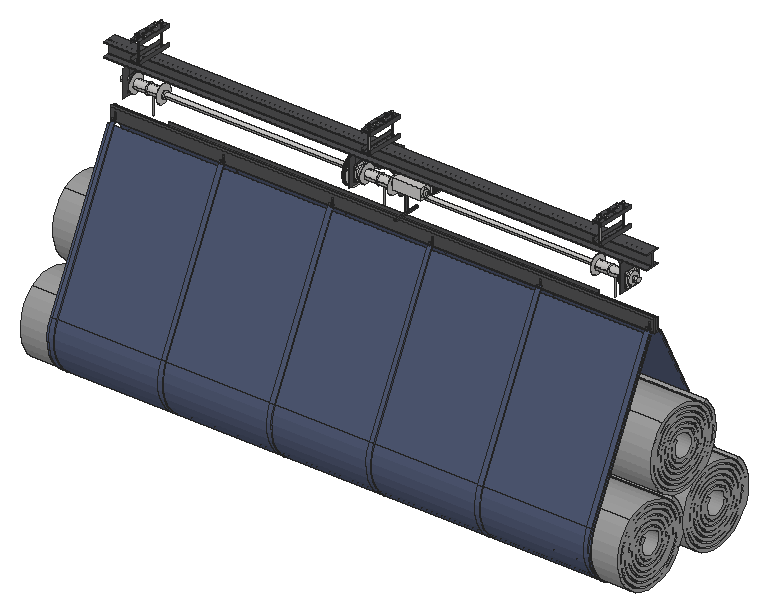
Revit family "Wrestling_Mat_Storage-PSS-4091", category Specialty Equipment, Revit 2019
Family settings
  Round Connector Dimension = Use Diameter
  Part Type = Normal
  OmniClass Number = 23.40.50.34.34
  OmniClass Title = Equipment Storage Racks
  Work Plane-Based = No
  Always vertical = Yes
  Cut with Voids When Loaded = No
  Shared = No
  Room Calculation Point = No
Parameters
  URL = "http://www.perfsports.com/"
  Superstructure Finish = Powder Coat - Performance Sports Systems - Black
  Sling Material = Vinyl Coated Fabric - Performance Sports Systems - C04 Royal Blue
  Mat Color = Generic - Wrestling Mat
  Product Page URL = "http://www.perfsports.com/store/p-96-4090-mat-storage-system.aspx"
  Model = "4091"
  Manufacturer = "Performance Sports Systems"  # constant formula
  Length = 20' - 0"
  Description = "Wrestling Mat Storage System"
  Created By = "Revitus"  # constant formula
  Creator URL = "http://www.revituspro.com/"
  BIM Version = "v3.1"
  CSI MasterFormat = "11 66 23"
  Assembly Code = "E1020900"
  Attachment Height [instance] = 24' - 6"
Reference planes (in)
  plane 1 "Centerline of Drive Shaft (Front/Back)": y = 0
  plane 2: z = 0
  plane 3 "Center (Left/Right)": x = 0
  plane 4 "Left": x = -120
  plane 5 "Right": x = 120
  plane 6: x = -118
  plane 7: x = 118
  plane 8 "Top of Load Bar": z = 257.875
  plane 9: x = -94.75
  plane 10: x = 94.75
  plane 11 "Centerline of Curtain Roller (Top/Bottom)": z = 271.375
  plane 12 "Bottom of Structure": z = 294
  plane 13 "Bottom of Load Bar": z = 251.875
  plane 14: x = -120
  plane 15: x = 120
  plane 16 "Left Carrier Centerline (Left/Right)": x = -102
  plane 17 "Right Carrier Centerline (Left/Right)": x = 102
  plane 18: y = 3
  plane 19: y = 1
  plane 20 "Drive Shaft - Left": x = -114
  plane 21 "Drive Shaft - Right": x = 114
  plane 22 "Edge of Mat - Left": x = -132
  plane 23 "Edge of Mat - Right": x = 132
  plane 24: z = 193.375
  plane 25 "Centerline of Mat (Top/Bottom)": z = 211.375
  plane 26: z = 259.875
  plane 27: y = 2.25
  plane 28: y = 1.75
  plane 29 "Center (Front/Back)": y = 2
  plane 30 "Back": y = 20
  plane 31 "Front": y = -16
  plane 32: x = -22
  plane 33: z = 180.75
  plane 34: x = -70
  plane 35: x = 22
  plane 36: x = 70
  plane 37: z = 162.75
Forms (in)
  Extrusion 1, solid, material "Powder Coat - Performance Sports Systems - Black" <- "Superstructure Finish"
    sketch origin (0, 0, 117) x (0, 1, 0) y (0, 0, 1)
      loop
        arc (3, 140.5) -> (2.89017, 140.76517) -> (2.625, 140.875) r 0.375
        line (2.625, 140.875) -> (1.375, 140.875)
        arc (1.375, 140.875) -> (1.10983, 140.76517) -> (1, 140.5) r 0.375
        line (1, 140.5) -> (1, 135.25)
        arc (1, 135.25) -> (1.10983, 134.98483) -> (1.375, 134.875) r 0.375
        line (1.375, 134.875) -> (2.625, 134.875)
        arc (2.625, 134.875) -> (2.89017, 134.98483) -> (3, 135.25) r 0.375
        line (3, 135.25) -> (3, 140.5)
      loop
        arc (2.8125, 140.5) -> (2.75758, 140.63258) -> (2.625, 140.6875) r 0.1875
        line (2.625, 140.6875) -> (1.375, 140.6875)
        arc (1.375, 140.6875) -> (1.24242, 140.63258) -> (1.1875, 140.5) r 0.1875
        line (1.1875, 140.5) -> (1.1875, 135.25)
        arc (1.1875, 135.25) -> (1.24242, 135.11742) -> (1.375, 135.0625) r 0.1875
        line (1.375, 135.0625) -> (2.625, 135.0625)
        arc (2.625, 135.0625) -> (2.75758, 135.11742) -> (2.8125, 135.25) r 0.1875
        line (2.8125, 135.25) -> (2.8125, 140.5)
    from -120 to 120
  Extrusion 2, solid, material "Metal - Performance Sports Systems - Gray Steel"
    sketch origin (0, 0, 0) x (0, 1, 0) y (0, 0, 1)
      loop
        circle (0, 271.375) r 1
    from -114 to 114
  Extrusion 3, solid, material "Powder Coat - Performance Sports Systems - Black" <- "Superstructure Finish", detail levels medium+fine
    sketch origin (0, 0, 0) x (0, 1, 0) y (0, 0, 1)
      loop
        line (-3, 285) -> (-3, 284.5625) -> (-0.40625, 284.5625)
        arc (-0.40625, 284.5625) -> (-0.22947, 284.48928) -> (-0.15625, 284.3125) r 0.25
        line (-0.15625, 284.3125) -> (-0.15625, 279.3125)
        arc (-0.15625, 279.3125) -> (-0.22947, 279.13572) -> (-0.40625, 279.0625) r 0.25
        line (-0.40625, 279.0625) -> (-3, 279.0625) -> (-3, 278.625) -> (3, 278.625) -> (3, 279.0625) -> (0.40625, 279.0625)
        arc (0.40625, 279.0625) -> (0.22947, 279.13572) -> (0.15625, 279.3125) r 0.25
        line (0.15625, 279.3125) -> (0.15625, 284.3125)
        arc (0.15625, 284.3125) -> (0.22947, 284.48928) -> (0.40625, 284.5625) r 0.25
        line (0.40625, 284.5625) -> (3, 284.5625) -> (3, 285) -> (-3, 285)
    from -120 to 120
  Extrusion 4, solid, material "Powder Coat - Performance Sports Systems - Black" <- "Superstructure Finish"
    sketch origin (0, 0, 0) x (0, 1, 0) y (0, 0, 1)
      loop
        line (2.25, 257.875) -> (2.25, 259.875) -> (1.75, 259.875) -> (1.75, 257.875) -> (2.25, 257.875)
    from -94.75 to 94.75
  Extrusion 5, solid, material "Generic - Wrestling Mat" <- "Mat Color"
    sketch origin (0, 0, 0) x (0, 1, 0) y (0, 0, 1)
      loop
        arc (-2.24264, 215.61764) -> (2, 205.375) -> (6.24264, 215.61764) r 6
        arc (6.24264, 215.61764) -> (1.5286, 217.97466) -> (-3.65685, 217.03185) r 8.33333
        arc (-3.65685, 217.03185) -> (2, 203.375) -> (7.65685, 217.03185) r 8
        arc (7.65685, 217.03185) -> (1.7971, 219.97427) -> (-4.66009, 218.83443) r 10.42105
        arc (-4.66009, 218.83443) -> (1.71728, 201.379) -> (9.07107, 218.44607) r 10
        arc (9.07107, 218.44607) -> (1.97061, 221.96962) -> (-5.81506, 220.4813) r 12.42105
        arc (-5.81506, 220.4813) -> (1.54315, 199.3837) -> (10.48528, 219.86028) r 12
        arc (10.48528, 219.86028) -> (2.14446, 223.96412) -> (-6.9677, 222.12583) r 14.42105
        arc (-6.9677, 222.12583) -> (1.36892, 197.38923) -> (11.89949, 221.27449) r 14
        arc (11.89949, 221.27449) -> (2.31851, 225.95809) -> (-8.11886, 223.7689) r 16.42105
        arc (-8.11886, 223.7689) -> (1.19463, 195.39528) -> (13.31371, 222.68871) r 16
        arc (13.31371, 222.68871) -> (2.49269, 227.95171) -> (-9.26904, 225.41098) r 18.42105
        arc (-9.26904, 225.41098) -> (1.02029, 193.40168) -> (14.72792, 224.10292) r 18
        line (14.72792, 224.10292) -> (13.84404, 223.21904)
        arc (13.84404, 223.21904) -> (1.12926, 194.64765) -> (-8.55027, 224.38477) r 16.75
        arc (-8.55027, 224.38477) -> (2.38382, 226.70573) -> (12.42983, 221.80483) r 17.17105
        arc (12.42983, 221.80483) -> (1.30357, 196.64145) -> (-7.39952, 222.74212) r 14.75
        arc (-7.39952, 222.74212) -> (2.20971, 224.71191) -> (11.01561, 220.39061) r 15.17105
        arc (11.01561, 220.39061) -> (1.47782, 198.6357) -> (-6.24752, 221.09822) r 12.75
        arc (-6.24752, 221.09822) -> (2.03578, 222.71764) -> (9.6014, 218.9764) r 13.17105
        arc (9.6014, 218.9764) -> (1.65199, 200.63063) -> (-5.09356, 219.45237) r 10.75
        arc (-5.09356, 219.45237) -> (1.86211, 220.72266) -> (8.18718, 217.56218) r 11.17105
        arc (8.18718, 217.56218) -> (1.82605, 202.62673) -> (-3.93634, 217.80324) r 8.75
        arc (-3.93634, 217.80324) -> (1.68894, 218.72649) -> (6.77297, 216.14797) r 9.17105
        arc (6.77297, 216.14797) -> (2, 204.625) -> (-2.77297, 216.14797) r 6.75
        arc (-2.77297, 216.14797) -> (1.51675, 216.72806) -> (5.35876, 214.73376) r 7.17105
        arc (5.35876, 214.73376) -> (2, 206.625) -> (-1.35876, 214.73376) r 4.75
        line (-1.35876, 214.73376) -> (-2.24264, 215.61764)
    from -132 to 132
  Extrusion 6, solid, material "Vinyl Coated Fabric - Performance Sports Systems - C04 Royal Blue" <- "Sling Material"
    sketch origin (0, 0, 0) x (0, 1, 0) y (0, 0, 1)
      loop
        line (20, 162.75) -> (-16, 162.75)
        arc (-16, 162.75) -> (-31.31112, 171.28587) -> (-32.10071, 188.79781) r 18
        line (-32.10071, 188.79781) -> (-0.57209, 251.875) -> (-0.71184, 251.875) -> (-32.21252, 188.85369)
        arc (-32.21252, 188.85369) -> (-31.41744, 171.22015) -> (-16, 162.625) r 18.125
        line (-16, 162.625) -> (20, 162.625)
        arc (20, 162.625) -> (35.41744, 171.22015) -> (36.21252, 188.85369) r 18.125
        line (36.21252, 188.85369) -> (4.71184, 251.875) -> (4.57209, 251.875) -> (36.10071, 188.79781)
        arc (36.10071, 188.79781) -> (35.31112, 171.28587) -> (20, 162.75) r 18
    from -120 to 120
  Extrusion 7, solid, material "Generic - Wrestling Mat" <- "Mat Color"
    sketch origin (0, 18, 0) x (0, 1, 0) y (0, 0, 1)
      loop
        arc (-2.24264, 184.99264) -> (2, 174.75) -> (6.24264, 184.99264) r 6
        arc (6.24264, 184.99264) -> (1.5286, 187.34966) -> (-3.65685, 186.40685) r 8.33333
        arc (-3.65685, 186.40685) -> (2, 172.75) -> (7.65685, 186.40685) r 8
        arc (7.65685, 186.40685) -> (1.7971, 189.34927) -> (-4.66009, 188.20943) r 10.42105
        arc (-4.66009, 188.20943) -> (1.71728, 170.754) -> (9.07107, 187.82107) r 10
        arc (9.07107, 187.82107) -> (1.97061, 191.34462) -> (-5.81506, 189.8563) r 12.42105
        arc (-5.81506, 189.8563) -> (1.54315, 168.7587) -> (10.48528, 189.23528) r 12
        arc (10.48528, 189.23528) -> (2.14446, 193.33912) -> (-6.9677, 191.50083) r 14.42105
        arc (-6.9677, 191.50083) -> (1.36892, 166.76423) -> (11.89949, 190.64949) r 14
        arc (11.89949, 190.64949) -> (2.31851, 195.33309) -> (-8.11886, 193.1439) r 16.42105
        arc (-8.11886, 193.1439) -> (1.19463, 164.77028) -> (13.31371, 192.06371) r 16
        arc (13.31371, 192.06371) -> (2.49269, 197.32671) -> (-9.26904, 194.78598) r 18.42105
        arc (-9.26904, 194.78598) -> (1.02029, 162.77668) -> (14.72792, 193.47792) r 18
        line (14.72792, 193.47792) -> (13.84404, 192.59404)
        arc (13.84404, 192.59404) -> (1.12926, 164.02265) -> (-8.55027, 193.75977) r 16.75
        arc (-8.55027, 193.75977) -> (2.38382, 196.08073) -> (12.42983, 191.17983) r 17.17105
        arc (12.42983, 191.17983) -> (1.30357, 166.01645) -> (-7.39952, 192.11712) r 14.75
        arc (-7.39952, 192.11712) -> (2.20971, 194.08691) -> (11.01561, 189.76561) r 15.17105
        arc (11.01561, 189.76561) -> (1.47782, 168.0107) -> (-6.24752, 190.47322) r 12.75
        arc (-6.24752, 190.47322) -> (2.03578, 192.09264) -> (9.6014, 188.3514) r 13.17105
        arc (9.6014, 188.3514) -> (1.65199, 170.00563) -> (-5.09356, 188.82737) r 10.75
        arc (-5.09356, 188.82737) -> (1.86211, 190.09766) -> (8.18718, 186.93718) r 11.17105
        arc (8.18718, 186.93718) -> (1.82605, 172.00173) -> (-3.93634, 187.17824) r 8.75
        arc (-3.93634, 187.17824) -> (1.68894, 188.10149) -> (6.77297, 185.52297) r 9.17105
        arc (6.77297, 185.52297) -> (2, 174) -> (-2.77297, 185.52297) r 6.75
        arc (-2.77297, 185.52297) -> (1.51675, 186.10306) -> (5.35876, 184.10876) r 7.17105
        arc (5.35876, 184.10876) -> (2, 176) -> (-1.35876, 184.10876) r 4.75
        line (-1.35876, 184.10876) -> (-2.24264, 184.99264)
    from -132 to 132
  Sweep 8, solid, material "Metal - Performance Sports Systems - Gray Steel"
    path origin (-102, 0, 0) x (0, 0, 1) y (0, -1, 0)
      loop
        line (259.875, -2) -> (271.375, -2)
        arc (271.375, -2) -> (272.78921, 1.41421) -> (269.375, 0) r 2
    profile origin (-102, -1.41421, 272.78921) x (0, 0.707107, -0.707107) y (1, 0, 0)
      loop
        circle (-0.15625, 0) r 0.15625
  Sweep 9, solid, material "Metal - Performance Sports Systems - Gray Steel"
    path origin (102, 0, 0) x (0, 0, 1) y (0, -1, 0)
      loop
        line (259.875, -2) -> (271.375, -2)
        arc (271.375, -2) -> (272.78921, 1.41421) -> (269.375, 0) r 2
    profile origin (102, -1.41421, 272.78921) x (0, -0.707107, 0.707107) y (-1, 0, 0)
      loop
        circle (-0.15625, 0) r 0.15625
  Sweep 10, solid, material "Metal - Performance Sports Systems - Gray Steel"
    path origin (0, 0, 0) x (0, 1, 0) y (0, 0, 1)
      loop
        line (2, 259.875) -> (2, 271.375)
        arc (2, 271.375) -> (-1.41421, 272.78921) -> (0, 269.375) r 2
    profile origin (0, -1.41421, 272.78921) x (0, 0.707107, -0.707107) y (1, 0, 0)
      loop
        circle (-0.15625, 0) r 0.15625
  Extrusion 11, solid, material "Generic - Wrestling Mat" <- "Mat Color"
    sketch origin (0, -18, 0) x (0, 1, 0) y (0, 0, 1)
      loop
        arc (-2.24264, 184.99264) -> (2, 174.75) -> (6.24264, 184.99264) r 6
        arc (6.24264, 184.99264) -> (1.5286, 187.34966) -> (-3.65685, 186.40685) r 8.33333
        arc (-3.65685, 186.40685) -> (2, 172.75) -> (7.65685, 186.40685) r 8
        arc (7.65685, 186.40685) -> (1.7971, 189.34927) -> (-4.66009, 188.20943) r 10.42105
        arc (-4.66009, 188.20943) -> (1.71728, 170.754) -> (9.07107, 187.82107) r 10
        arc (9.07107, 187.82107) -> (1.97061, 191.34462) -> (-5.81506, 189.8563) r 12.42105
        arc (-5.81506, 189.8563) -> (1.54315, 168.7587) -> (10.48528, 189.23528) r 12
        arc (10.48528, 189.23528) -> (2.14446, 193.33912) -> (-6.9677, 191.50083) r 14.42105
        arc (-6.9677, 191.50083) -> (1.36892, 166.76423) -> (11.89949, 190.64949) r 14
        arc (11.89949, 190.64949) -> (2.31851, 195.33309) -> (-8.11886, 193.1439) r 16.42105
        arc (-8.11886, 193.1439) -> (1.19463, 164.77028) -> (13.31371, 192.06371) r 16
        arc (13.31371, 192.06371) -> (2.49269, 197.32671) -> (-9.26904, 194.78598) r 18.42105
        arc (-9.26904, 194.78598) -> (1.02029, 162.77668) -> (14.72792, 193.47792) r 18
        line (14.72792, 193.47792) -> (13.84404, 192.59404)
        arc (13.84404, 192.59404) -> (1.12926, 164.02265) -> (-8.55027, 193.75977) r 16.75
        arc (-8.55027, 193.75977) -> (2.38382, 196.08073) -> (12.42983, 191.17983) r 17.17105
        arc (12.42983, 191.17983) -> (1.30357, 166.01645) -> (-7.39952, 192.11712) r 14.75
        arc (-7.39952, 192.11712) -> (2.20971, 194.08691) -> (11.01561, 189.76561) r 15.17105
        arc (11.01561, 189.76561) -> (1.47782, 168.0107) -> (-6.24752, 190.47322) r 12.75
        arc (-6.24752, 190.47322) -> (2.03578, 192.09264) -> (9.6014, 188.3514) r 13.17105
        arc (9.6014, 188.3514) -> (1.65199, 170.00563) -> (-5.09356, 188.82737) r 10.75
        arc (-5.09356, 188.82737) -> (1.86211, 190.09766) -> (8.18718, 186.93718) r 11.17105
        arc (8.18718, 186.93718) -> (1.82605, 172.00173) -> (-3.93634, 187.17824) r 8.75
        arc (-3.93634, 187.17824) -> (1.68894, 188.10149) -> (6.77297, 185.52297) r 9.17105
        arc (6.77297, 185.52297) -> (2, 174) -> (-2.77297, 185.52297) r 6.75
        arc (-2.77297, 185.52297) -> (1.51675, 186.10306) -> (5.35876, 184.10876) r 7.17105
        arc (5.35876, 184.10876) -> (2, 176) -> (-1.35876, 184.10876) r 4.75
        line (-1.35876, 184.10876) -> (-2.24264, 184.99264)
    from -132 to 132
Lines and regions (in)
  symbolic lines, style "SpecialityEquipmentHiddenLines"
    curve 1: line (-120, 20, 0) -> (120, 20, 0)
    curve 2: line (-120, -16, 0) -> (120, -16, 0)
    curve 3: line (-120, 20, 0) -> (-120, -16, 0)
    curve 4: line (120, 20, 0) -> (120, -16, 0)
  model lines, style "InvisibleLines", not visible
    curve 5: line (0, 0, 259.875) -> (0, 0, 0)
Dimensions and locks (in)
  "Length": plane 4 "Left" to plane 5 "Right"
  locked: plane 4 "Left" to plane 9 at 25.25
  locked: plane 5 "Right" to plane 10 at 25.25
  equal spacing: plane 4 "Left", plane 3 "Center (Left/Right)", plane 5 "Right"
  "Attachment Height": plane 12 "Bottom of Structure" to level
  locked: plane 12 "Bottom of Structure" to plane 11 "Centerline of Curtain Roller (Top/Bottom)" at 22.625
  plane 12 "Bottom of Structure" to Extrusion 3 sketch curve to Extrusion 3 sketch curve = 0' - 9" locked, 0' - 6 3/8" locked
  plane 15 to plane 3 "Center (Left/Right)" to plane 14 = 10' - 0" locked, 10' - 0" locked
  locked: plane 16 "Left Carrier Centerline (Left/Right)" to plane 14 at 18
  locked: plane 17 "Right Carrier Centerline (Left/Right)" to plane 15 at 18
  plane 18 to plane 19 to plane 1 "Centerline of Drive Shaft (Front/Back)" = 0' - 2" locked, 0' - 1" locked
  locked: plane 8 "Top of Load Bar" to plane 13 "Bottom of Load Bar" at 6
  locked: plane 20 "Drive Shaft - Left" to plane 14 at 6
  locked: plane 21 "Drive Shaft - Right" to plane 15 at 6
  locked: plane 22 "Edge of Mat - Left" to plane 4 "Left" at 12
  locked: plane 5 "Right" to plane 23 "Edge of Mat - Right" at 12
  plane 11 "Centerline of Curtain Roller (Top/Bottom)" to plane 24 = 6' - 6"
  locked: plane 25 "Centerline of Mat (Top/Bottom)" to plane 24 at 18
  locked: plane 13 "Bottom of Load Bar" to plane 24 at 58.5
  locked: plane 26 to plane 8 "Top of Load Bar" at 2
  plane 18 to plane 27 to plane 28 = 0' - 0 3/4" locked, 0' - 0 1/2" locked
  locked: plane 6 to plane 4 "Left" at 2
  locked: plane 5 "Right" to plane 7 at 2
  locked: plane 29 "Center (Front/Back)" to plane 1 "Centerline of Drive Shaft (Front/Back)" at 2
  plane 30 "Back" to plane 29 "Center (Front/Back)" to plane 31 "Front" = 1' - 6" locked, 1' - 6" locked
  plane 35 to plane 3 "Center (Left/Right)" to plane 32 = 1' - 10" locked, 1' - 10" locked
  locked: plane 25 "Centerline of Mat (Top/Bottom)" to plane 33 at 30.625
  equal spacing: plane 32, plane 34, plane 6
  equal spacing: plane 35, plane 36, plane 7
  plane 33 to plane 37 = 1' - 6"
  aligned and locked: level to plane 2
  aligned and locked: level to curve 5
  aligned and locked: plane 4 "Left" to curve 3
  aligned and locked: curve 4 to plane 5 "Right"
  aligned and locked: plane 5 "Right" to Extrusion 1
  aligned and locked: plane 4 "Left" to Extrusion 1
  aligned: plane 5 "Right" to Extrusion 2
  aligned: plane 5 "Right" to Extrusion 3
  aligned and locked: plane 11 "Centerline of Curtain Roller (Top/Bottom)" to nested 1
  aligned and locked: plane 1 "Centerline of Drive Shaft (Front/Back)" to nested 1
  aligned and locked: Extrusion 3 to plane 14
  aligned and locked: Extrusion 3 to plane 15
  aligned and locked: plane 16 "Left Carrier Centerline (Left/Right)" to nested 1
  aligned and locked: Extrusion 2 to plane 20 "Drive Shaft - Left"
  aligned and locked: Extrusion 2 to plane 21 "Drive Shaft - Right"
  aligned and locked: nested 2 to plane 11 "Centerline of Curtain Roller (Top/Bottom)"
  aligned and locked: nested 2 to plane 17 "Right Carrier Centerline (Left/Right)"
  aligned and locked: nested 2 to plane 1 "Centerline of Drive Shaft (Front/Back)"
  aligned and locked: plane 11 "Centerline of Curtain Roller (Top/Bottom)" to nested 3
  aligned and locked: plane 3 "Center (Left/Right)" to nested 3
  aligned and locked: plane 1 "Centerline of Drive Shaft (Front/Back)" to nested 3
  aligned and locked: plane 18 to Extrusion 1 sketch curve
  aligned and locked: plane 8 "Top of Load Bar" to Extrusion 1 sketch curve
  aligned and locked: plane 13 "Bottom of Load Bar" to Extrusion 1 sketch curve
  aligned and locked: Extrusion 1 sketch curve to plane 19
  aligned and locked: plane 27 to Extrusion 4 sketch curve
  aligned and locked: plane 28 to Extrusion 4 sketch curve
  aligned and locked: plane 8 "Top of Load Bar" to Extrusion 4 sketch curve
  aligned and locked: plane 26 to Extrusion 4 sketch curve
  aligned and locked: Extrusion 4 to plane 9
  aligned and locked: Extrusion 4 to plane 10
  aligned and locked: Extrusion 5 to plane 22 "Edge of Mat - Left"
  aligned and locked: Extrusion 5 to plane 23 "Edge of Mat - Right"
  aligned and locked: plane 4 "Left" to Extrusion 6
  aligned and locked: plane 5 "Right" to Extrusion 6
  aligned and locked: curve 1 to plane 30 "Back"
  aligned and locked: plane 31 "Front" to curve 2
  aligned: plane 25 "Centerline of Mat (Top/Bottom)" to nested 4
  aligned and locked: plane 29 "Center (Front/Back)" to nested 4
  aligned and locked: plane 6 to nested 4
  aligned and locked: plane 32 to nested 6
  aligned and locked: plane 34 to nested 5
  aligned: plane 25 "Centerline of Mat (Top/Bottom)" to nested 5
  aligned: plane 25 "Centerline of Mat (Top/Bottom)" to nested 6
  aligned and locked: plane 29 "Center (Front/Back)" to nested 5
  aligned and locked: plane 29 "Center (Front/Back)" to nested 6
  aligned: plane 25 "Centerline of Mat (Top/Bottom)" to nested 7
  aligned: plane 25 "Centerline of Mat (Top/Bottom)" to nested 8
  aligned: plane 25 "Centerline of Mat (Top/Bottom)" to nested 9
  aligned and locked: plane 29 "Center (Front/Back)" to nested 7
  aligned and locked: plane 29 "Center (Front/Back)" to nested 8
  aligned and locked: plane 29 "Center (Front/Back)" to nested 9
  aligned and locked: nested 7 to plane 35
  aligned and locked: nested 8 to plane 36
  aligned and locked: nested 9 to plane 7
  aligned and locked: Extrusion 7 to plane 22 "Edge of Mat - Left"
  aligned and locked: Extrusion 7 to plane 23 "Edge of Mat - Right"
  aligned and locked: Sweep 8 sketch curve to nested 4
  aligned and locked: plane 26 to Sweep 8 sketch curve
  aligned and locked: Sweep 9 sketch curve to plane 29 "Center (Front/Back)"
  aligned and locked: plane 26 to Sweep 9 sketch curve
  aligned and locked: plane 1 "Centerline of Drive Shaft (Front/Back)" to Sweep 9 sketch curve
  aligned and locked: Sweep 10 sketch curve to plane 29 "Center (Front/Back)"
  aligned and locked: plane 26 to Sweep 10 sketch curve
  aligned and locked: plane 1 "Centerline of Drive Shaft (Front/Back)" to Sweep 10 sketch curve
  aligned and locked: plane 25 "Centerline of Mat (Top/Bottom)" to nested 4
  aligned and locked: plane 25 "Centerline of Mat (Top/Bottom)" to nested 5
  aligned and locked: plane 25 "Centerline of Mat (Top/Bottom)" to nested 6
  aligned and locked: plane 25 "Centerline of Mat (Top/Bottom)" to nested 7
  aligned and locked: plane 25 "Centerline of Mat (Top/Bottom)" to nested 8
  aligned and locked: plane 25 "Centerline of Mat (Top/Bottom)" to nested 9
  aligned and locked: Extrusion 11 to plane 22 "Edge of Mat - Left"
  aligned and locked: Extrusion 11 to plane 23 "Edge of Mat - Right"
  aligned and locked: plane 37 to Extrusion 6 sketch curve
  aligned and locked: nested 4 to Extrusion 6 sketch curve
  aligned and locked: Extrusion 6 sketch curve to nested 4
  aligned and locked: plane 13 "Bottom of Load Bar" to Extrusion 6 sketch curve
Automatic sketch dimensions
  curve 5 to plane 3 "Center (Left/Right)" = 0' - 0"
  curve 5 to plane 26 = 0' - 0"
  Extrusion 1 sketch curve to Extrusion 1 sketch curve = 0' - 0"  (x8)
  plane 19 to Extrusion 1 sketch curve = 0' - 0 3/16"
  Extrusion 1 sketch curve to Extrusion 1 sketch curve = 0' - 0 3/16"  (x2)
  plane 18 to Extrusion 1 sketch curve = 0' - 0 3/8"  (x2)
  Extrusion 2 sketch curve to plane 1 "Centerline of Drive Shaft (Front/Back)" = 0' - 0"
  Extrusion 2 sketch curve to plane 11 "Centerline of Curtain Roller (Top/Bottom)" = 0' - 0"
  Extrusion 3 sketch curve to plane 18 = 0' - 0"  (x2)
  Extrusion 3 sketch curve to plane 1 "Centerline of Drive Shaft (Front/Back)" = 0' - 0 13/32"  (x2)
  Extrusion 3 sketch curve to plane 1 "Centerline of Drive Shaft (Front/Back)" = 0' - 0 5/32"
  plane 1 "Centerline of Drive Shaft (Front/Back)" to Extrusion 3 sketch curve = 0' - 0 5/32"
  Extrusion 3 sketch curve to Extrusion 3 sketch curve = 0' - 0 1/4"  (x2)
  Extrusion 3 sketch curve to Extrusion 3 sketch curve = 0' - 2 19/32"  (x2)
  Extrusion 3 sketch curve to Extrusion 3 sketch curve = 0' - 0 7/16"  (x2)
  Extrusion 3 sketch curve to Extrusion 3 sketch curve = 0' - 0 11/16"
  Extrusion 3 sketch curve to Extrusion 3 sketch curve = 0' - 0"
  Extrusion 5 sketch curve to Extrusion 5 sketch curve = 0' - 0"  (x304)
  Extrusion 5 sketch curve to plane 25 "Centerline of Mat (Top/Bottom)" = 0' - 0"
  Extrusion 5 sketch curve to plane 29 "Center (Front/Back)" = 0' - 0"
  Extrusion 5 sketch curve to plane 1 "Centerline of Drive Shaft (Front/Back)" = 0' - 0.35008"
  Extrusion 5 sketch curve to Extrusion 5 sketch curve = 0' - 0.06203"
  plane 1 "Centerline of Drive Shaft (Front/Back)" to Extrusion 5 sketch curve = 0' - 1.35876"
  Extrusion 5 sketch curve to Extrusion 5 sketch curve = 0' - 0.88388"  (x4)
  Extrusion 5 sketch curve to Extrusion 5 sketch curve = 0' - 0.53033"  (x4)
  Extrusion 5 sketch curve to Extrusion 5 sketch curve = 0' - 0.27949"
  Extrusion 5 sketch curve to Extrusion 5 sketch curve = 0' - 0.72375"
  Extrusion 5 sketch curve to Extrusion 5 sketch curve = 0' - 0.43347"
  Extrusion 5 sketch curve to Extrusion 5 sketch curve = 0' - 0.7215"
  Extrusion 5 sketch curve to Extrusion 5 sketch curve = 0' - 0.43245"
  Extrusion 5 sketch curve to Extrusion 5 sketch curve = 0' - 0.72018"
  Extrusion 5 sketch curve to Extrusion 5 sketch curve = 0' - 0.43183"
  Extrusion 5 sketch curve to Extrusion 5 sketch curve = 0' - 0.71934"
  Extrusion 5 sketch curve to Extrusion 5 sketch curve = 0' - 0.43141"
  Extrusion 5 sketch curve to Extrusion 5 sketch curve = 0' - 0 23/32"
  Extrusion 5 sketch curve to plane 18 = 0' - 2.35876"
  Extrusion 7 sketch curve to Extrusion 7 sketch curve = 0' - 0"  (x303)
  Extrusion 7 sketch curve to plane 30 "Back" = 0' - 0"
  Extrusion 7 sketch curve to plane 33 = 0' - 0"
  Extrusion 7 sketch curve to plane 30 "Back" = 0' - 1.64992"
  Extrusion 7 sketch curve to Extrusion 7 sketch curve = 0' - 0.06203"
  Extrusion 7 sketch curve to plane 30 "Back" = 0' - 3.35876"
  Extrusion 7 sketch curve to Extrusion 7 sketch curve = 0' - 0.88388"  (x3)
  Extrusion 7 sketch curve to Extrusion 7 sketch curve = 0' - 0.53033"  (x4)
  Extrusion 7 sketch curve to Extrusion 7 sketch curve = 0' - 0.27949"
  Extrusion 7 sketch curve to Extrusion 7 sketch curve = 0' - 0.72375"
  Extrusion 7 sketch curve to Extrusion 7 sketch curve = 0' - 0.43347"
  Extrusion 7 sketch curve to Extrusion 7 sketch curve = 0' - 0.7215"
  Extrusion 7 sketch curve to Extrusion 7 sketch curve = 0' - 0.43245"
  Extrusion 7 sketch curve to Extrusion 7 sketch curve = 0' - 0.72018"
  Extrusion 7 sketch curve to Extrusion 7 sketch curve = 0' - 0.43183"
  Extrusion 7 sketch curve to plane 24 = 0' - 0.2311"
  Extrusion 7 sketch curve to Extrusion 7 sketch curve = 0' - 0.71934"
  Extrusion 7 sketch curve to Extrusion 7 sketch curve = 0' - 0.43141"
  Extrusion 7 sketch curve to Extrusion 7 sketch curve = 0' - 0 23/32"
  plane 30 "Back" to Extrusion 7 sketch curve = 0' - 3.35876"
  plane 24 to Extrusion 7 sketch curve = 0' - 0.10292"
  Sweep 8 sketch curve to plane 1 "Centerline of Drive Shaft (Front/Back)" = 0' - 0"
  Sweep 8 sketch curve to plane 11 "Centerline of Curtain Roller (Top/Bottom)" = 0' - 0"
  Sweep 8 sketch curve to plane 16 "Left Carrier Centerline (Left/Right)" = 0' - 0"
  profile plane to Sweep 8 sketch curve = 0' - 0 5/32"
  Sweep 9 sketch curve to plane 11 "Centerline of Curtain Roller (Top/Bottom)" = 0' - 0"
  Sweep 9 sketch curve to plane 17 "Right Carrier Centerline (Left/Right)" = 0' - 0"
  profile plane to Sweep 9 sketch curve = 0' - 0 5/32"
  Sweep 10 sketch curve to plane 11 "Centerline of Curtain Roller (Top/Bottom)" = 0' - 0"
  Sweep 10 sketch curve to plane 3 "Center (Left/Right)" = 0' - 0"
  profile plane to Sweep 10 sketch curve = 0' - 0 5/32"
  Extrusion 11 sketch curve to Extrusion 11 sketch curve = 0' - 0"  (x303)
  Extrusion 11 sketch curve to plane 31 "Front" = 0' - 0"
  Extrusion 11 sketch curve to plane 33 = 0' - 0"
  plane 31 "Front" to Extrusion 11 sketch curve = 0' - 1.64992"
  Extrusion 11 sketch curve to Extrusion 11 sketch curve = 0' - 0.06203"
  plane 31 "Front" to Extrusion 11 sketch curve = 0' - 3.35876"
  Extrusion 11 sketch curve to Extrusion 11 sketch curve = 0' - 0.88388"  (x3)
  Extrusion 11 sketch curve to Extrusion 11 sketch curve = 0' - 0.53033"  (x4)
  Extrusion 11 sketch curve to Extrusion 11 sketch curve = 0' - 0.27949"
  Extrusion 11 sketch curve to Extrusion 11 sketch curve = 0' - 0.72375"
  Extrusion 11 sketch curve to Extrusion 11 sketch curve = 0' - 0.43347"
  Extrusion 11 sketch curve to Extrusion 11 sketch curve = 0' - 0.7215"
  Extrusion 11 sketch curve to Extrusion 11 sketch curve = 0' - 0.43245"
  Extrusion 11 sketch curve to Extrusion 11 sketch curve = 0' - 0.72018"
  Extrusion 11 sketch curve to Extrusion 11 sketch curve = 0' - 0.43183"
  Extrusion 11 sketch curve to plane 24 = 0' - 0.2311"
  Extrusion 11 sketch curve to Extrusion 11 sketch curve = 0' - 0.71934"
  Extrusion 11 sketch curve to Extrusion 11 sketch curve = 0' - 0.43141"
  Extrusion 11 sketch curve to Extrusion 11 sketch curve = 0' - 0 23/32"
  Extrusion 11 sketch curve to plane 31 "Front" = 0' - 3.35876"
  plane 24 to Extrusion 11 sketch curve = 0' - 0.10292"
  plane 30 "Back" to Extrusion 6 sketch curve = 0' - 0"
  Extrusion 6 sketch curve to Extrusion 6 sketch curve = 0' - 0"  (x4)
  Extrusion 6 sketch curve to plane 33 = 0' - 0"  (x2)
  Extrusion 6 sketch curve to plane 24 = 0' - 4.52131"  (x2)
  Extrusion 6 sketch curve to Extrusion 6 sketch curve = 0' - 0.13975"  (x2)
  Extrusion 6 sketch curve to Extrusion 6 sketch curve = 0' - 0.11181"  (x2)
  Extrusion 6 sketch curve to plane 13 "Bottom of Load Bar" = 0' - 0"
  radius of Extrusion 2 sketch curve = 0' - 1"
  radius of Sweep 8 sketch curve = 0' - 0 5/32"
  radius of Sweep 9 sketch curve = 0' - 0 5/32"
  radius of Sweep 10 sketch curve = 0' - 0 5/32"
Nested families (in)
  nested 1: "Wrestling_Mat_Storage-Carrier-PSS" at (-102, 0, 271.375), type "Wrestling_Mat_Storage-Carrier-PSS"
  nested 2: "Wrestling_Mat_Storage-Carrier-PSS" at (102, 0, 271.375) x (-1, 0, 0) z (0, 0, 1), type "Wrestling_Mat_Storage-Carrier-PSS"
  nested 3: "Wrestling_Mat_Storage-Hoist-PSS" at (0, 0, 271.375), type "Wrestling_Mat_Storage-Hoist-PSS"
  nested 4: "Wrestling_Mat_Storage-Sling_Strap-PSS-4091" at (-118, 2, 211.375), type "Wrestling_Mat_Storage-Sling_Strap-PSS-4091"
  nested 5: "Wrestling_Mat_Storage-Sling_Strap-PSS-4091" at (-70, 2, 211.375), type "Wrestling_Mat_Storage-Sling_Strap-PSS-4091"
  nested 6: "Wrestling_Mat_Storage-Sling_Strap-PSS-4091" at (-22, 2, 211.375), type "Wrestling_Mat_Storage-Sling_Strap-PSS-4091"
  nested 7: "Wrestling_Mat_Storage-Sling_Strap-PSS-4091" at (22, 2, 211.375), type "Wrestling_Mat_Storage-Sling_Strap-PSS-4091"
  nested 8: "Wrestling_Mat_Storage-Sling_Strap-PSS-4091" at (70, 2, 211.375), type "Wrestling_Mat_Storage-Sling_Strap-PSS-4091"
  nested 9: "Wrestling_Mat_Storage-Sling_Strap-PSS-4091" at (118, 2, 211.375), type "Wrestling_Mat_Storage-Sling_Strap-PSS-4091"
Definition of nested family "Wrestling_Mat_Storage-Carrier-PSS"
  Parameters
    URL = "http://www.perfsports.com/"
    Superstructure Finish = none
    Manufacturer = "Performance Sports Systems"  # constant formula
    Description = "Fastener for Attaching Wrestling Mat Storage to Structure"
    Default Elevation = 4' - 0"
    Created By = "Revitus"  # constant formula
    Creator URL = "http://www.revituspro.com/"
    Assembly Code = ""
  Reference planes (in)
    plane 1 "Center (Front/Back)": y = 0
    plane 2: z = 0
    plane 3 "Center (Left/Right)": x = 0
    plane 4: z = 22.625
  Forms (in)
    Extrusion 1, solid, material <- "Superstructure Finish", detail levels medium+fine
      sketch origin (0, 1.75, 13.625) x (1, 0, 0) y (0, 1, 0)
        loop
          line (-1.36028, 6.25) -> (-1.36028, -9.75) -> (1.36028, -9.75) -> (1.36028, 6.25) -> (-1.36028, 6.25)
        loop
          circle (0, 4.75) r 0.21875
        loop
          circle (0, -8.25) r 0.21875
        loop
          circle (0, 1.75) r 0.21875
        loop
          circle (0, -5.25) r 0.21875
      from 0 to 0.1875
    Extrusion 2, solid, material <- "Superstructure Finish", detail levels medium+fine
      sketch origin (0, 1.75, 13.625) x (1, 0, 0) y (0, 0, 1)
        loop
          line (2, 0) -> (2, 1.5625) -> (1.91739, 1.5625)
          arc (1.91739, 1.5625) -> (1.83704, 1.53326) -> (1.79429, 1.45921) r 0.125
          line (1.79429, 1.45921) -> (1.60648, 0.39409)
          arc (1.60648, 0.39409) -> (1.52097, 0.24599) -> (1.36028, 0.1875) r 0.25
          line (1.36028, 0.1875) -> (1.36028, 0) -> (2, 0)
        loop
          line (-2, 0) -> (-1.36028, 0) -> (-1.36028, 0.1875)
          arc (-1.36028, 0.1875) -> (-1.52097, 0.24599) -> (-1.60648, 0.39409) r 0.25
          line (-1.60648, 0.39409) -> (-1.79429, 1.45921)
          arc (-1.79429, 1.45921) -> (-1.83704, 1.53326) -> (-1.91739, 1.5625) r 0.125
          line (-1.91739, 1.5625) -> (-2, 1.5625) -> (-2, 0)
      from -6.25 to 9.75
    Extrusion 3, solid, detail levels medium+fine
      sketch origin (0, 0, 0) x (1, 0, 0) y (0, 1, 0)
        loop
          circle (0, -6.5) r 0.1875
        loop
          circle (0, 6.5) r 0.1875
      from 12.125 to 24.125
    Extrusion 4, solid, detail levels fine
      sketch origin (0, 0, 11.625) x (0, -1, 0) y (1, 0, 0)
        loop
          circle (-6.5, 0) r 0.1875
        loop
          line (-6.78125, 0.16238) -> (-6.78125, -0.16238) -> (-6.5, -0.32476) -> (-6.21875, -0.16238) -> (-6.21875, 0.16238) -> (-6.5, 0.32476) -> (-6.78125, 0.16238)
        loop
          circle (6.5, 0) r 0.1875
        loop
          line (6.78125, 0.16238) -> (6.5, 0.32476) -> (6.21875, 0.16238) -> (6.21875, -0.16238) -> (6.5, -0.32476) -> (6.78125, -0.16238) -> (6.78125, 0.16238)
      from 11 to 11.25
    Extrusion 5, solid, detail levels fine
      sketch origin (0, 0, 2.375) x (0, -1, 0) y (1, 0, 0)
        loop
          circle (-6.5, 0) r 0.1875
        loop
          line (-6.78125, 0.16238) -> (-6.78125, -0.16238) -> (-6.5, -0.32476) -> (-6.21875, -0.16238) -> (-6.21875, 0.16238) -> (-6.5, 0.32476) -> (-6.78125, 0.16238)
        loop
          circle (6.5, 0) r 0.1875
        loop
          line (6.78125, 0.16238) -> (6.5, 0.32476) -> (6.21875, 0.16238) -> (6.21875, -0.16238) -> (6.5, -0.32476) -> (6.78125, -0.16238) -> (6.78125, 0.16238)
      from 11 to 11.25
    Extrusion 6, solid, detail levels fine
      sketch origin (0, 0, 2.8125) x (0, -1, 0) y (1, 0, 0)
        loop
          circle (-6.5, 0) r 0.1875
        loop
          line (-6.78125, 0.16238) -> (-6.78125, -0.16238) -> (-6.5, -0.32476) -> (-6.21875, -0.16238) -> (-6.21875, 0.16238) -> (-6.5, 0.32476) -> (-6.78125, 0.16238)
        loop
          circle (6.5, 0) r 0.1875
        loop
          line (6.78125, 0.16238) -> (6.5, 0.32476) -> (6.21875, 0.16238) -> (6.21875, -0.16238) -> (6.5, -0.32476) -> (6.78125, -0.16238) -> (6.78125, 0.16238)
      from 11 to 11.25
    Extrusion 7, solid, detail levels fine
      sketch origin (0, 0, 11.1875) x (0, -1, 0) y (1, 0, 0)
        loop
          circle (-6.5, 0) r 0.1875
        loop
          line (-6.78125, 0.16238) -> (-6.78125, -0.16238) -> (-6.5, -0.32476) -> (-6.21875, -0.16238) -> (-6.21875, 0.16238) -> (-6.5, 0.32476) -> (-6.78125, 0.16238)
        loop
          circle (6.5, 0) r 0.1875
        loop
          line (6.78125, 0.16238) -> (6.5, 0.32476) -> (6.21875, 0.16238) -> (6.21875, -0.16238) -> (6.5, -0.32476) -> (6.78125, -0.16238) -> (6.78125, 0.16238)
      from 11 to 11.25
    Extrusion 8, solid, material <- "Superstructure Finish", detail levels medium+fine
      sketch origin (0, 25, 13.125) x (0, -1, 0) y (1, 0, 0)
        loop
          line (24.5, 2.25) -> (19.5, 2.25) -> (19.5, -2.25) -> (24.5, -2.25) -> (24.5, 2.25)
        loop
          circle (23.25, 0) r 0.1875
        loop
          circle (21.5, 0) r 0.21875
        loop
          circle (20.375, -1.5) r 0.1875
        loop
          circle (20.375, 1.5) r 0.1875
        loop
          line (25.5, 2.25) -> (25.5, -2.25) -> (30.5, -2.25) -> (30.5, 2.25) -> (25.5, 2.25)
        loop
          circle (26.75, 0) r 0.1875
        loop
          circle (28.5, 0) r 0.21875
        loop
          circle (29.625, -1.5) r 0.1875
        loop
          circle (29.625, 1.5) r 0.1875
      from 9.75 to 10
    Extrusion 9, solid, detail levels fine
      sketch origin (-1, 22.59375, 12.125) x (0, -1, 0) y (1, 0, 0)
        loop
          line (18.13113, -0.78125) -> (18.29351, -0.5) -> (18.13113, -0.21875) -> (17.80637, -0.21875) -> (17.64399, -0.5) -> (17.80637, -0.78125) -> (18.13113, -0.78125)
        loop
          line (18.13113, 2.21875) -> (18.29351, 2.5) -> (18.13113, 2.78125) -> (17.80637, 2.78125) -> (17.64399, 2.5) -> (17.80637, 2.21875) -> (18.13113, 2.21875)
        loop
          line (21.00613, 0.71875) -> (21.16851, 1) -> (21.00613, 1.28125) -> (20.68137, 1.28125) -> (20.51899, 1) -> (20.68137, 0.71875) -> (21.00613, 0.71875)
        loop
          line (24.50613, 0.71875) -> (24.66851, 1) -> (24.50613, 1.28125) -> (24.18137, 1.28125) -> (24.01899, 1) -> (24.18137, 0.71875) -> (24.50613, 0.71875)
        loop
          line (27.38113, -0.78125) -> (27.54351, -0.5) -> (27.38113, -0.21875) -> (27.05637, -0.21875) -> (26.89399, -0.5) -> (27.05637, -0.78125) -> (27.38113, -0.78125)
        loop
          line (27.38113, 2.21875) -> (27.54351, 2.5) -> (27.38113, 2.78125) -> (27.05637, 2.78125) -> (26.89399, 2.5) -> (27.05637, 2.21875) -> (27.38113, 2.21875)
        loop
          line (25.75, 0.80154) -> (26.09375, 0.60307) -> (26.4375, 0.80154) -> (26.4375, 1.19846) -> (26.09375, 1.39693) -> (25.75, 1.19846) -> (25.75, 0.80154)
        loop
          line (19.4375, 0.80154) -> (19.4375, 1.19846) -> (19.09375, 1.39693) -> (18.75, 1.19846) -> (18.75, 0.80154) -> (19.09375, 0.60307) -> (19.4375, 0.80154)
      from 11 to 11.25
    Extrusion 10, solid, material <- "Superstructure Finish", detail levels medium+fine
      sketch origin (0, 1.75, 22.625) x (0, -1, 0) y (1, 0, 0)
        loop
          line (-6.25, -1.36028) -> (9.75, -1.36028) -> (9.75, 1.36028) -> (-6.25, 1.36028) -> (-6.25, -1.36028)
        loop
          circle (-4.75, 0) r 0.21875
        loop
          circle (8.25, 0) r 0.21875
        loop
          circle (-1.75, 0) r 0.21875
        loop
          circle (5.25, 0) r 0.21875
      from 0 to -0.1875
    Extrusion 11, solid, material <- "Superstructure Finish", detail levels medium+fine
      sketch origin (0, 1.75, 22.625) x (1, 0, 0) y (0, 0, 1)
        loop
          line (2, 0) -> (1.36028, 0) -> (1.36028, -0.1875)
          arc (1.36028, -0.1875) -> (1.52097, -0.24599) -> (1.60648, -0.39409) r 0.25
          line (1.60648, -0.39409) -> (1.79429, -1.45921)
          arc (1.79429, -1.45921) -> (1.83704, -1.53326) -> (1.91739, -1.5625) r 0.125
          line (1.91739, -1.5625) -> (2, -1.5625) -> (2, 0)
        loop
          line (-2, 0) -> (-2, -1.5625) -> (-1.91739, -1.5625)
          arc (-1.91739, -1.5625) -> (-1.83704, -1.53326) -> (-1.79429, -1.45921) r 0.125
          line (-1.79429, -1.45921) -> (-1.60648, -0.39409)
          arc (-1.60648, -0.39409) -> (-1.52097, -0.24599) -> (-1.36028, -0.1875) r 0.25
          line (-1.36028, -0.1875) -> (-1.36028, 0) -> (-2, 0)
      from -6.25 to 9.75
    Extrusion 12, solid, detail levels fine
      sketch origin (0, 0, 0) x (1, 0, 0) y (0, 1, 0)
        loop
          circle (0, -3.5) r 0.21875
        loop
          circle (0, 3.5) r 0.21875
      from 21.625 to 23.125
    Extrusion 13, solid, detail levels fine
      sketch origin (0, 0, 0) x (1, 0, 0) y (0, 1, 0)
        loop
          circle (-1.5, 4.625) r 0.1875
        loop
          circle (1.5, 4.625) r 0.1875
        loop
          circle (0, 1.75) r 0.1875
        loop
          circle (0, -1.75) r 0.1875
        loop
          circle (-1.5, -4.625) r 0.1875
        loop
          circle (1.5, -4.625) r 0.1875
      from 22.625 to 23.125
    Extrusion 14, solid, detail levels medium+fine
      sketch origin (-4.8125, 0, -284.25) x (0, 1, 0) y (0, 0, -1)
        loop
          circle (0, -284.25) r 3.875
        loop
          circle (0, -284.25) r 1
      from 1.1875 to 1.375
    Extrusion 15, solid, detail levels medium+fine
      sketch origin (4.8125, 0, -284.25) x (0, 1, 0) y (0, 0, 1)
        loop
          circle (0, 284.25) r 3.875
        loop
          circle (0, 284.25) r 1
      from 1.1875 to 1.375
    Extrusion 16, solid, detail levels medium+fine
      sketch origin (0, 0, -284.25) x (0, 1, 0) y (0, 0, 1)
        loop
          circle (0, 284.25) r 2
        loop
          circle (0, 284.25) r 1.75
      from -6 to 6
    Extrusion 17, solid, detail levels medium+fine
      sketch origin (4.8125, 0, -284.25) x (0, 1, 0) y (0, 0, 1)
        loop
          circle (0, 284.25) r 1
        loop
          circle (0, 284.25) r 1.5
      from 1.375 to 2.375
    Extrusion 18, solid, detail levels medium+fine
      sketch origin (-4.8125, 0, -284.25) x (0, 1, 0) y (0, 0, -1)
        loop
          circle (0, -284.25) r 1
        loop
          circle (0, -284.25) r 1.5
      from 1.375 to 2.375
    Extrusion 19, solid, material <- "Superstructure Finish", detail levels medium+fine
      sketch origin (-0.5, 0, -6.375) x (0, 1, 0) y (0, 0, -1)
        loop
          line (5, -13.625) -> (5, -1.625) -> (-5, -1.625) -> (-5, -13.625) -> (5, -13.625)
        loop
          circle (2.5625, -8.9375) r 0.25
        loop
          circle (-2.5625, -8.9375) r 0.25
        loop
          circle (2.5625, -3.8125) r 0.25
        loop
          circle (-2.5625, -3.8125) r 0.25
        loop
          circle (0, -6.375) r 1
      from 7.1875 to 7.5625
    Extrusion 20, solid, detail levels medium+fine
      sketch origin (0, 0, 0) x (0, 1, 0) y (0, 0, 1)
        loop
          line (2.5625, 3.1875) -> (-2.5625, 3.1875)
          arc (-2.5625, 3.1875) -> (-3.00444, 3.00444) -> (-3.1875, 2.5625) r 0.625
          line (-3.1875, 2.5625) -> (-3.1875, -2.5625)
          arc (-3.1875, -2.5625) -> (-3.00444, -3.00444) -> (-2.5625, -3.1875) r 0.625
          line (-2.5625, -3.1875) -> (2.5625, -3.1875)
          arc (2.5625, -3.1875) -> (3.00444, -3.00444) -> (3.1875, -2.5625) r 0.625
          line (3.1875, -2.5625) -> (3.1875, 2.5625)
          arc (3.1875, 2.5625) -> (3.00444, 3.00444) -> (2.5625, 3.1875) r 0.625
        loop
          circle (0, 0) r 1
        loop
          circle (2.5625, 2.5625) r 0.25
        loop
          circle (-2.5625, 2.5625) r 0.25
        loop
          circle (-2.5625, -2.5625) r 0.25
        loop
          circle (2.5625, -2.5625) r 0.25
      from -8.6875 to -8.0625
    Extrusion 21, solid, detail levels medium+fine
      sketch origin (0, 0, 0) x (0, 1, 0) y (0, 0, 1)
        loop
          line (2.24472, 1.36083) -> (3.00444, 2.12056)
          arc (3.00444, 2.12056) -> (3.00444, 3.00444) -> (2.12056, 3.00444) r 0.625
          line (2.12056, 3.00444) -> (1.36083, 2.24472)
          arc (1.36083, 2.24472) -> (1.85616, 1.85616) -> (2.24472, 1.36083) r 2.625
        loop
          circle (2.5625, 2.5625) r 0.25
        loop
          arc (-2.24472, 1.36083) -> (-1.85616, 1.85616) -> (-1.36083, 2.24472) r 2.625
          line (-1.36083, 2.24472) -> (-2.12056, 3.00444)
          arc (-2.12056, 3.00444) -> (-3.00444, 3.00444) -> (-3.00444, 2.12056) r 0.625
          line (-3.00444, 2.12056) -> (-2.24472, 1.36083)
        loop
          circle (-2.5625, 2.5625) r 0.25
        loop
          arc (2.24472, -1.36083) -> (1.85616, -1.85616) -> (1.36083, -2.24472) r 2.625
          line (1.36083, -2.24472) -> (2.12056, -3.00444)
          arc (2.12056, -3.00444) -> (3.00444, -3.00444) -> (3.00444, -2.12056) r 0.625
          line (3.00444, -2.12056) -> (2.24472, -1.36083)
        loop
          circle (2.5625, -2.5625) r 0.25
        loop
          line (-2.24472, -1.36083) -> (-3.00444, -2.12056)
          arc (-3.00444, -2.12056) -> (-3.00444, -3.00444) -> (-2.12056, -3.00444) r 0.625
          line (-2.12056, -3.00444) -> (-1.36083, -2.24472)
          arc (-1.36083, -2.24472) -> (-1.85616, -1.85616) -> (-2.24472, -1.36083) r 2.625
        loop
          circle (-2.5625, -2.5625) r 0.25
      from -8.875 to -8.6875
    Extrusion 22, solid, detail levels medium+fine
      sketch origin (0, 0, 0) x (0, 1, 0) y (0, 0, 1)
        loop
          circle (0, 0) r 2.625
        loop
          circle (0, 0) r 1.25
      from -9.8125 to -8.6875
    Extrusion 23, solid, detail levels medium+fine
      sketch origin (0, 0, 0) x (0, 1, 0) y (0, 0, 1)
        loop
          circle (0, 0) r 1
        loop
          circle (0, 0) r 1.25
      from -10.375 to -8.0625
    Extrusion 24, solid, material <- "Superstructure Finish", detail levels medium+fine
      sketch origin (0, 1.90625, 0) x (1, 0, 0) y (0, 0, -1)
        loop
          line (-7.6875, -7.25) -> (-3.6875, -7.25) -> (-7.6875, -3.25) -> (-7.6875, -7.25)
      from 0 to 0.25
    Extrusion 25, solid, material <- "Superstructure Finish", detail levels medium+fine
      sketch origin (0, -1.90625, 0) x (1, 0, 0) y (0, 0, 1)
        loop
          line (-7.6875, 7.25) -> (-7.6875, 3.25) -> (-3.6875, 7.25) -> (-7.6875, 7.25)
      from 0 to 0.25
    Extrusion 26, solid, detail levels fine
      sketch origin (0, 0, 0) x (0, 1, 0) y (0, 0, 1)
        loop
          line (2.76096, 2.21875) -> (2.95943, 2.5625) -> (2.76096, 2.90625) -> (2.36404, 2.90625) -> (2.16557, 2.5625) -> (2.36404, 2.21875) -> (2.76096, 2.21875)
        loop
          line (-2.76096, 2.21875) -> (-2.36404, 2.21875) -> (-2.16557, 2.5625) -> (-2.36404, 2.90625) -> (-2.76096, 2.90625) -> (-2.95943, 2.5625) -> (-2.76096, 2.21875)
        loop
          line (2.76096, -2.21875) -> (2.36404, -2.21875) -> (2.16557, -2.5625) -> (2.36404, -2.90625) -> (2.76096, -2.90625) -> (2.95943, -2.5625) -> (2.76096, -2.21875)
        loop
          line (-2.76096, -2.21875) -> (-2.95943, -2.5625) -> (-2.76096, -2.90625) -> (-2.36404, -2.90625) -> (-2.16557, -2.5625) -> (-2.36404, -2.21875) -> (-2.76096, -2.21875)
      from -9.3125 to -8.875
    Extrusion 27, solid, detail levels fine
      sketch origin (-16.5625, 0, 0) x (0, 1, 0) y (0, 0, -1)
        loop
          line (2.76096, -2.21875) -> (2.36404, -2.21875) -> (2.16557, -2.5625) -> (2.36404, -2.90625) -> (2.76096, -2.90625) -> (2.95943, -2.5625) -> (2.76096, -2.21875)
        loop
          line (-2.76096, -2.21875) -> (-2.95943, -2.5625) -> (-2.76096, -2.90625) -> (-2.36404, -2.90625) -> (-2.16557, -2.5625) -> (-2.36404, -2.21875) -> (-2.76096, -2.21875)
        loop
          line (2.76096, 2.21875) -> (2.95943, 2.5625) -> (2.76096, 2.90625) -> (2.36404, 2.90625) -> (2.16557, 2.5625) -> (2.36404, 2.21875) -> (2.76096, 2.21875)
        loop
          line (-2.76096, 2.21875) -> (-2.36404, 2.21875) -> (-2.16557, 2.5625) -> (-2.36404, 2.90625) -> (-2.76096, 2.90625) -> (-2.95943, 2.5625) -> (-2.76096, 2.21875)
      from -9.3125 to -8.875
  Cuts and joins
    joined: Extrusion 1, Extrusion 2
    joined: Extrusion 10, Extrusion 11
    joined: Extrusion 20, Extrusion 21, Extrusion 22, Extrusion 23
  Dimensions and locks (in)
    plane 1 "Center (Front/Back)" to Extrusion 1 sketch curve = 0' - 8"
    plane 4 to level = 1' - 10 5/8"
    level to cut or joined group of Extrusion 1, Extrusion 2 to cut or joined group of Extrusion 10, Extrusion 11 = 1' - 1 5/8", 0' - 9"
    aligned and locked: level to plane 2
    aligned: plane 4 to Extrusion 3
Definition of nested family "Wrestling_Mat_Storage-Hoist-PSS"
  Parameters
    URL = "http://www.perfsports.com/"
    Superstructure Finish = none
    Manufacturer = "Performance Sports Systems"  # constant formula
    Description = "Wrestling Mat Hoist"
    Default Elevation = 4' - 0"
    Created By = "Revitus"  # constant formula
    Creator URL = "http://www.revituspro.com/"
    Assembly Code = ""
  Reference planes (in)
    plane 1 "Center (Front/Back)": y = 0
    plane 2: z = 0
    plane 3 "Center (Left/Right)": x = 0
  Forms (in)
    Extrusion 1, solid, material <- "Superstructure Finish", detail levels medium+fine
      sketch origin (0, 1.75, 13.625) x (1, 0, 0) y (0, 1, 0)
        loop
          line (-1.36028, 6.25) -> (-1.36028, -9.75) -> (1.36028, -9.75) -> (1.36028, 6.25) -> (-1.36028, 6.25)
        loop
          circle (0, 4.75) r 0.21875
        loop
          circle (0, -8.25) r 0.21875
        loop
          circle (0, 1.75) r 0.21875
        loop
          circle (0, -5.25) r 0.21875
      from 0 to 0.1875
    Extrusion 2, solid, material <- "Superstructure Finish", detail levels medium+fine
      sketch origin (0, 1.75, 13.625) x (1, 0, 0) y (0, 0, 1)
        loop
          line (2, 0) -> (2, 1.5625) -> (1.91739, 1.5625)
          arc (1.91739, 1.5625) -> (1.83704, 1.53326) -> (1.79429, 1.45921) r 0.125
          line (1.79429, 1.45921) -> (1.60648, 0.39409)
          arc (1.60648, 0.39409) -> (1.52097, 0.24599) -> (1.36028, 0.1875) r 0.25
          line (1.36028, 0.1875) -> (1.36028, 0) -> (2, 0)
        loop
          line (-2, 0) -> (-1.36028, 0) -> (-1.36028, 0.1875)
          arc (-1.36028, 0.1875) -> (-1.52097, 0.24599) -> (-1.60648, 0.39409) r 0.25
          line (-1.60648, 0.39409) -> (-1.79429, 1.45921)
          arc (-1.79429, 1.45921) -> (-1.83704, 1.53326) -> (-1.91739, 1.5625) r 0.125
          line (-1.91739, 1.5625) -> (-2, 1.5625) -> (-2, 0)
      from -6.25 to 9.75
    Extrusion 3, solid, detail levels medium+fine
      sketch origin (0, 0, 0) x (1, 0, 0) y (0, 1, 0)
        loop
          circle (0, -6.5) r 0.1875
        loop
          circle (0, 6.5) r 0.1875
      from 12.125 to 24.125
    Extrusion 4, solid, detail levels fine
      sketch origin (0, 0, -3.25) x (0, -1, 0) y (1, 0, 0)
        loop
          circle (-10.0625, -7.875) r 0.25
        loop
          line (-10.46875, -7.64045) -> (-10.46875, -8.10955) -> (-10.0625, -8.3441) -> (-9.65625, -8.10955) -> (-9.65625, -7.64045) -> (-10.0625, -7.4059) -> (-10.46875, -7.64045)
        loop
          circle (-10.0625, -1.375) r 0.25
        loop
          line (-10.46875, -1.14045) -> (-10.46875, -1.60955) -> (-10.0625, -1.8441) -> (-9.65625, -1.60955) -> (-9.65625, -1.14045) -> (-10.0625, -0.9059) -> (-10.46875, -1.14045)
        loop
          circle (-5.1875, -7.875) r 0.25
        loop
          line (-5.59375, -7.64045) -> (-5.59375, -8.10955) -> (-5.1875, -8.3441) -> (-4.78125, -8.10955) -> (-4.78125, -7.64045) -> (-5.1875, -7.4059) -> (-5.59375, -7.64045)
        loop
          circle (-5.1875, -1.375) r 0.25
        loop
          line (-5.59375, -1.14045) -> (-5.59375, -1.60955) -> (-5.1875, -1.8441) -> (-4.78125, -1.60955) -> (-4.78125, -1.14045) -> (-5.1875, -0.9059) -> (-5.59375, -1.14045)
      from 11 to 11.25
    Extrusion 5, solid, detail levels fine
      sketch origin (0, 0, 2.375) x (0, -1, 0) y (1, 0, 0)
        loop
          circle (-6.5, 0) r 0.1875
        loop
          line (-6.78125, 0.16238) -> (-6.78125, -0.16238) -> (-6.5, -0.32476) -> (-6.21875, -0.16238) -> (-6.21875, 0.16238) -> (-6.5, 0.32476) -> (-6.78125, 0.16238)
        loop
          circle (6.5, 0) r 0.1875
        loop
          line (6.78125, 0.16238) -> (6.5, 0.32476) -> (6.21875, 0.16238) -> (6.21875, -0.16238) -> (6.5, -0.32476) -> (6.78125, -0.16238) -> (6.78125, 0.16238)
      from 11 to 11.25
    Extrusion 6, solid, detail levels fine
      sketch origin (0, 0, 2.8125) x (0, -1, 0) y (1, 0, 0)
        loop
          circle (-6.5, 0) r 0.1875
        loop
          line (-6.78125, 0.16238) -> (-6.78125, -0.16238) -> (-6.5, -0.32476) -> (-6.21875, -0.16238) -> (-6.21875, 0.16238) -> (-6.5, 0.32476) -> (-6.78125, 0.16238)
        loop
          circle (6.5, 0) r 0.1875
        loop
          line (6.78125, 0.16238) -> (6.5, 0.32476) -> (6.21875, 0.16238) -> (6.21875, -0.16238) -> (6.5, -0.32476) -> (6.78125, -0.16238) -> (6.78125, 0.16238)
      from 11 to 11.25
    Extrusion 7, solid, detail levels fine
      sketch origin (0, 0, 11.1875) x (0, -1, 0) y (1, 0, 0)
        loop
          circle (-6.5, 0) r 0.1875
        loop
          line (-6.78125, 0.16238) -> (-6.78125, -0.16238) -> (-6.5, -0.32476) -> (-6.21875, -0.16238) -> (-6.21875, 0.16238) -> (-6.5, 0.32476) -> (-6.78125, 0.16238)
        loop
          circle (6.5, 0) r 0.1875
        loop
          line (6.78125, 0.16238) -> (6.5, 0.32476) -> (6.21875, 0.16238) -> (6.21875, -0.16238) -> (6.5, -0.32476) -> (6.78125, -0.16238) -> (6.78125, 0.16238)
      from 11 to 11.25
    Extrusion 8, solid, material <- "Superstructure Finish", detail levels medium+fine
      sketch origin (0, 25, 13.125) x (0, -1, 0) y (1, 0, 0)
        loop
          line (24.5, 2.25) -> (19.5, 2.25) -> (19.5, -2.25) -> (24.5, -2.25) -> (24.5, 2.25)
        loop
          circle (23.25, 0) r 0.1875
        loop
          circle (21.5, 0) r 0.21875
        loop
          circle (20.375, -1.5) r 0.1875
        loop
          circle (20.375, 1.5) r 0.1875
        loop
          line (25.5, 2.25) -> (25.5, -2.25) -> (30.5, -2.25) -> (30.5, 2.25) -> (25.5, 2.25)
        loop
          circle (26.75, 0) r 0.1875
        loop
          circle (28.5, 0) r 0.21875
        loop
          circle (29.625, -1.5) r 0.1875
        loop
          circle (29.625, 1.5) r 0.1875
      from 9.75 to 10
    Extrusion 9, solid, detail levels fine
      sketch origin (-1, 22.59375, 12.125) x (0, -1, 0) y (1, 0, 0)
        loop
          line (18.13113, -0.78125) -> (18.29351, -0.5) -> (18.13113, -0.21875) -> (17.80637, -0.21875) -> (17.64399, -0.5) -> (17.80637, -0.78125) -> (18.13113, -0.78125)
        loop
          line (18.13113, 2.21875) -> (18.29351, 2.5) -> (18.13113, 2.78125) -> (17.80637, 2.78125) -> (17.64399, 2.5) -> (17.80637, 2.21875) -> (18.13113, 2.21875)
        loop
          line (21.00613, 0.71875) -> (21.16851, 1) -> (21.00613, 1.28125) -> (20.68137, 1.28125) -> (20.51899, 1) -> (20.68137, 0.71875) -> (21.00613, 0.71875)
        loop
          line (24.50613, 0.71875) -> (24.66851, 1) -> (24.50613, 1.28125) -> (24.18137, 1.28125) -> (24.01899, 1) -> (24.18137, 0.71875) -> (24.50613, 0.71875)
        loop
          line (27.38113, -0.78125) -> (27.54351, -0.5) -> (27.38113, -0.21875) -> (27.05637, -0.21875) -> (26.89399, -0.5) -> (27.05637, -0.78125) -> (27.38113, -0.78125)
        loop
          line (27.38113, 2.21875) -> (27.54351, 2.5) -> (27.38113, 2.78125) -> (27.05637, 2.78125) -> (26.89399, 2.5) -> (27.05637, 2.21875) -> (27.38113, 2.21875)
        loop
          line (25.75, 0.80154) -> (26.09375, 0.60307) -> (26.4375, 0.80154) -> (26.4375, 1.19846) -> (26.09375, 1.39693) -> (25.75, 1.19846) -> (25.75, 0.80154)
        loop
          line (19.4375, 0.80154) -> (19.4375, 1.19846) -> (19.09375, 1.39693) -> (18.75, 1.19846) -> (18.75, 0.80154) -> (19.09375, 0.60307) -> (19.4375, 0.80154)
      from 11 to 11.25
    Extrusion 10, solid, material <- "Superstructure Finish", detail levels medium+fine
      sketch origin (0, 1.75, 22.625) x (0, -1, 0) y (1, 0, 0)
        loop
          line (-6.25, -1.36028) -> (9.75, -1.36028) -> (9.75, 1.36028) -> (-6.25, 1.36028) -> (-6.25, -1.36028)
        loop
          circle (-4.75, 0) r 0.21875
        loop
          circle (8.25, 0) r 0.21875
        loop
          circle (-1.75, 0) r 0.21875
        loop
          circle (5.25, 0) r 0.21875
      from 0 to -0.1875
    Extrusion 11, solid, material <- "Superstructure Finish", detail levels medium+fine
      sketch origin (0, 1.75, 22.625) x (1, 0, 0) y (0, 0, 1)
        loop
          line (2, 0) -> (1.36028, 0) -> (1.36028, -0.1875)
          arc (1.36028, -0.1875) -> (1.52097, -0.24599) -> (1.60648, -0.39409) r 0.25
          line (1.60648, -0.39409) -> (1.79429, -1.45921)
          arc (1.79429, -1.45921) -> (1.83704, -1.53326) -> (1.91739, -1.5625) r 0.125
          line (1.91739, -1.5625) -> (2, -1.5625) -> (2, 0)
        loop
          line (-2, 0) -> (-2, -1.5625) -> (-1.91739, -1.5625)
          arc (-1.91739, -1.5625) -> (-1.83704, -1.53326) -> (-1.79429, -1.45921) r 0.125
          line (-1.79429, -1.45921) -> (-1.60648, -0.39409)
          arc (-1.60648, -0.39409) -> (-1.52097, -0.24599) -> (-1.36028, -0.1875) r 0.25
          line (-1.36028, -0.1875) -> (-1.36028, 0) -> (-2, 0)
      from -6.25 to 9.75
    Extrusion 12, solid, detail levels fine
      sketch origin (0, 0, 0) x (1, 0, 0) y (0, 1, 0)
        loop
          circle (0, -3.5) r 0.21875
        loop
          circle (0, 3.5) r 0.21875
      from 21.625 to 23.125
    Extrusion 13, solid, detail levels fine
      sketch origin (0, 0, 0) x (1, 0, 0) y (0, 1, 0)
        loop
          circle (-1.5, 4.625) r 0.1875
        loop
          circle (1.5, 4.625) r 0.1875
        loop
          circle (0, 1.75) r 0.1875
        loop
          circle (0, -1.75) r 0.1875
        loop
          circle (-1.5, -4.625) r 0.1875
        loop
          circle (1.5, -4.625) r 0.1875
      from 22.625 to 23.125
    Extrusion 14, solid, detail levels medium+fine
      sketch origin (-4.8125, 0, -284.25) x (0, 1, 0) y (0, 0, -1)
        loop
          circle (0, -284.25) r 3.875
        loop
          circle (0, -284.25) r 1
      from 1.1875 to 1.375
    Extrusion 15, solid, detail levels medium+fine
      sketch origin (4.8125, 0, -284.25) x (0, 1, 0) y (0, 0, 1)
        loop
          circle (0, 284.25) r 3.875
        loop
          circle (0, 284.25) r 1
      from 1.1875 to 1.375
    Extrusion 16, solid, detail levels medium+fine
      sketch origin (0, 0, -284.25) x (0, 1, 0) y (0, 0, 1)
        loop
          circle (0, 284.25) r 2
        loop
          circle (0, 284.25) r 1.75
